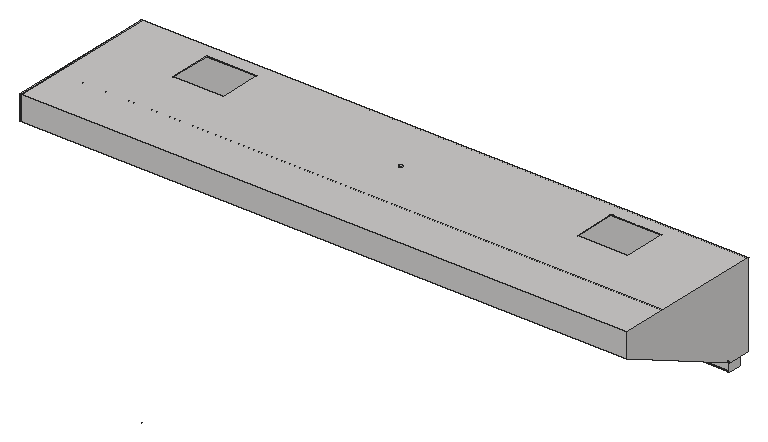
Revit family "QF_ELECTROLUXPROFESSIONAL_644189_AMPV936BT", category Specialty Equipment, Revit 2014
Reference planes
  plane 1: z = 0
  plane 2 "Center (Left/Right)": x = 150
  plane 3 "LEFT": x = -1650
  plane 4 "RIGHT": x = 1950
  plane 5 "BACK": y = 550
  plane 6 "Plane": z = 2000
  plane 7 "TOP": z = 2140
  plane 8 "Base": z = 1640
  plane 9: z = 1566
  plane 10 "DrainY": y = 485
  plane 11: x = -1647
  plane 12: through (0, 414.509, 1640.8) normal (0, 0.7314, 0.682)
  plane 13: y = 470
  plane 14: y = 220
  plane 15 "DrainX": x = 1830
  plane 16: x = -900
  plane 17: x = 1200
  plane 18: x = -1200
  plane 19: x = 1500
  plane 20: x = 1947
  plane 21: x = 1740
  plane 22: x = 1920
  plane 23: x = -1610
  plane 24: x = -1245
  plane 25: x = -850
  plane 26: x = 1910
  plane 27: x = 1545
  plane 28: x = 1150
  plane 29: x = -47.5
  plane 30: x = 347.5
  plane 31: y = 100
  plane 32: y = -350
Forms (mm)
  Extrusion 1, solid, material "QF_Finishes_Stainless Steel"
    sketch origin (-1650, 0, 0) x (0, 1, 0) y (0, 0, 1)
      loop
        line (550, 1640) -> (550, 2140) -> (-350, 2140) -> (-350, 1999.112) -> (413.973, 1640) -> (550, 1640)
    from 0 to 3
  Extrusion 2, solid, material "QF_Finishes_Stainless Steel"
    sketch origin (150, 0, 0) x (0, 1, 0) y (0, 0, 1)
      loop
        line (415.255, 1640) -> (550, 1640) -> (550, 2139.19) -> (549.2, 2139.19) -> (549.2, 1640.8) -> (415.876, 1640.8) -> (339.347, 1722.867) -> (349.609, 1732.436) -> (348.927, 1733.167) -> (337.934, 1722.917) -> (415.255, 1640)
      loop
        line (-82.203, 2139.19) -> (-82.203, 2118.6) -> (-31.047, 2118.6) -> (34.354, 2048.466) -> (46.028, 2059.352) -> (45.346, 2060.083) -> (34.403, 2049.879) -> (-30.612, 2119.6) -> (-81.203, 2119.6) -> (-81.203, 2139.19) -> (-82.203, 2139.19)
    from -1797 to 1797
  Extrusion 3, solid, material "QF_Finishes_Stainless Steel"
    sketch origin (1950, 0, 0) x (0, 1, 0) y (0, 0, 1)
      loop
        line (550, 1640) -> (550, 2140) -> (-350, 2140) -> (-350, 1999.112) -> (413.973, 1640) -> (550, 1640)
    from 0 to -3
  Extrusion 4, solid, material "QF_Finishes_Stainless Steel"
    sketch origin (150, 0, 0) x (0, 1, 0) y (0, 0, 1)
      loop
        line (-350, 2140) -> (-350, 2000) -> (-349.2, 2000) -> (-349.2, 2139.19) -> (550, 2139.19) -> (550, 2140) -> (-350, 2140)
    from -1800 to 1800
  Extrusion 5, solid, material "QF_Finishes_Stainless Steel"
    sketch origin (150, 0, 0) x (0, 1, 0) y (0, 0, 1)
      loop
        line (534, 1640) -> (436, 1640) -> (436, 1627) -> (443.5, 1627) -> (443.5, 1576)
        arc (443.5, 1576) -> (446.429, 1568.929) -> (453.5, 1566) r 10
        line (453.5, 1566) -> (516.5, 1566)
        arc (516.5, 1566) -> (523.571, 1568.929) -> (526.5, 1576) r 10
        line (526.5, 1576) -> (526.5, 1627) -> (534, 1627) -> (534, 1640)
    from 1590 to 1770
  Extrusion 6, solid, material "QF_Finishes_Stainless Steel"
    sketch origin (0, 0, 1640) x (0, 1, 0) y (-1, 0, 0)
      loop
        circle (485, -1830) r 20
    from -76 to -74
  Extrusion 7, solid, material "QF_Finished_Chrome"
    sketch origin (150, 0, 0) x (0, 1, 0) y (0, 0, 1)
      loop
        line (337.934, 1722.917) -> (341.591, 1726.327) -> (38.011, 2051.876) -> (34.354, 2048.466) -> (337.934, 1722.917)
    from -1395 to -1760
  Extrusion 8, solid, material "QF_Finished_Chrome"
    sketch origin (150, 0, 0) x (0, 1, 0) y (0, 0, 1)
      loop
        line (337.934, 1722.917) -> (341.591, 1726.327) -> (38.011, 2051.876) -> (34.354, 2048.466) -> (337.934, 1722.917)
    from -197.5 to -1000
  Extrusion 9, solid, material "QF_Finishes_Stainless Steel"
    sketch origin (150, 0, 0) x (0, 1, 0) y (0, 0, 1)
      loop
        line (337.934, 1722.917) -> (341.591, 1726.327) -> (38.011, 2051.876) -> (34.354, 2048.466) -> (337.934, 1722.917)
    from 1797 to 1760
  Extrusion 10, solid, material "QF_Finishes_Stainless Steel"
    sketch origin (150, 0, 0) x (0, 1, 0) y (0, 0, 1)
      loop
        line (341.588, 1726.324) -> (38.009, 2051.874) -> (34.354, 2048.466) -> (337.934, 1722.917) -> (341.588, 1726.324)
    from -1395 to -1000
  Extrusion 11, solid, material "QF_Finished_Chrome"
    sketch origin (150, 0, 0) x (0, 1, 0) y (0, 0, 1)
      loop
        line (341.588, 1726.324) -> (38.009, 2051.874) -> (34.354, 2048.466) -> (337.934, 1722.917) -> (341.588, 1726.324)
    from 1395 to 1760
  Extrusion 12, void
    sketch origin (0, 0, 2140) x (0, 1, 0) y (-1, 0, 0)
      loop
        line (470, 1200) -> (220, 1200) -> (220, 900) -> (470, 900) -> (470, 1200)
    from 0 to -10
  Extrusion 13, void
    sketch origin (940, 0, 2140) x (0, 1, 0) y (-1, 0, 0)
      loop
        line (470, -260) -> (220, -260) -> (220, -560) -> (470, -560) -> (470, -260)
    from 0 to -10
  Extrusion 14, solid, material "QF_Finishes_Stainless Steel"
    sketch origin (0, 0, 0) x (1, 0, 0) y (0, 1, 0)
      loop
        line (-1650, 550) -> (-1650, 549) -> (-1649, 549) -> (-1649, 550) -> (-1650, 550)
    from 0 to 1
  Extrusion 15, solid, material "QF_Finishes_Stainless Steel"
    sketch origin (150, 0, 0) x (0, 1, 0) y (0, 0, 1)
      loop
        line (337.934, 1722.917) -> (341.591, 1726.327) -> (38.011, 2051.876) -> (34.354, 2048.466) -> (337.934, 1722.917)
    from -1760 to -1797
  Extrusion 16, solid, material "QF_Finishes_Stainless Steel"
    sketch origin (150, 0, 0) x (0, 1, 0) y (0, 0, -1)
      loop
        line (341.588, -1726.324) -> (337.934, -1722.917) -> (34.354, -2048.466) -> (38.009, -2051.874) -> (341.588, -1726.324)
    from -1395 to -1000
  Extrusion 17, solid, material "QF_Finished_Chrome"
    sketch origin (150, 0, 0) x (0, 1, 0) y (0, 0, 1)
      loop
        line (337.934, 1722.917) -> (341.591, 1726.327) -> (38.011, 2051.876) -> (34.354, 2048.466) -> (337.934, 1722.917)
    from 1000 to 197.5
  Extrusion 18, solid, material "QF_Finishes_Stainless Steel"
    sketch origin (150, 0, 0) x (0, 1, 0) y (0, 0, -1)
      loop
        line (341.588, -1726.324) -> (337.934, -1722.917) -> (34.354, -2048.466) -> (38.009, -2051.874) -> (341.588, -1726.324)
    from -197.5 to 197.5
  Extrusion 19, solid, material "QF_Finishes_Stainless Steel"
    sketch origin (0, 0, 2140) x (0, 1, 0) y (-1, 0, 0)
      loop
        circle (220, -150) r 10
    from 0 to 1.6
Cuts and joins
  Extrusion 12, Extrusion 13 cuts Extrusion 4
  joined: Extrusion 2, Extrusion 4
Lines and regions (mm)
  reference lines
    curve 1: line (150, 34.354, 2048.466) -> (150, 34.354, 1888.466)
  symbolic lines, style "SpecialityEquipment", detail levels coarse
    curve 2: line (1950, 550, 2140) -> (-1650, 550, 2140)
    curve 3: line (-1650, 550, 2140) -> (-1650, -350, 2140)
    curve 4: line (1950, -350, 2140) -> (1950, 550, 2140)
    curve 5: line (-1650, -350, 2140) -> (1950, -350, 2140)
    curve 6: line (-1200, 220, 2140) -> (-900, 220, 2140)
    curve 7: line (-1200, 470, 2140) -> (-1200, 220, 2140)
    curve 8: line (-900, 470, 2140) -> (-1200, 470, 2140)
    curve 9: line (-900, 220, 2140) -> (-900, 470, 2140)
    curve 10: line (1200, 470, 2140) -> (1200, 220, 2140)
    curve 11: line (1200, 220, 2140) -> (1500, 220, 2140)
    curve 12: line (1500, 470, 2140) -> (1200, 470, 2140)
    curve 13: line (1500, 220, 2140) -> (1500, 470, 2140)
  symbolic lines, detail levels coarse
    curve 14: line (-1650, -350, 0) -> (1950, 550, 0)
    curve 15: line (-1650, 550, 0) -> (1950, -350, 0)
Dimensions and locks
  plane 3 "LEFT" to plane 4 "RIGHT" = 3600 mm
  equal spacing: plane 3 "LEFT", plane 2 "Center (Left/Right)", plane 4 "RIGHT"
  locked: plane 6 "Plane" to level at 2000
  plane 7 "TOP" to plane 6 "Plane" = 140 mm
  locked: plane 7 "TOP" to plane 8 "Base" at 500
  plane 8 "Base" to plane 9 = 74 mm
  plane 5 "BACK" to plane 10 "DrainY" = 65 mm  (x2)
  plane 3 "LEFT" to plane 11 = 3 mm
  plane 5 "BACK" to plane 13 = 80 mm
  plane 13 to plane 14 = 250 mm  (x2)
  plane 15 "DrainX" to plane 4 "RIGHT" = 120 mm
  locked: plane 16 to plane 17 at 2100
  equal spacing: plane 16, plane 2 "Center (Left/Right)", plane 17
  plane 18 to plane 16 = 300 mm
  plane 17 to plane 19 = 300 mm
  plane 20 to plane 4 "RIGHT" = 3 mm
  locked: plane 21 to plane 15 "DrainX" at 90
  locked: plane 15 "DrainX" to plane 22 at 90
  plane 13 to plane 5 "BACK" = 80 mm
  locked: plane 3 "LEFT" to plane 23 at 40
  locked: plane 23 to plane 24 at 365
  locked: plane 24 to plane 25 at 395
  locked: plane 26 to plane 27 at 365
  locked: plane 27 to plane 28 at 395
  locked: plane 26 to plane 4 "RIGHT" at 40
  locked: plane 29 to plane 30 at 395
  equal spacing: plane 29, plane 2 "Center (Left/Right)", plane 30
  plane 25 to plane 29 = 802.5 mm
  plane 30 to plane 28 = 802.5 mm
  plane 5 "BACK" to plane 32 = 900 mm  (x2)
  equal spacing: plane 5 "BACK", plane 31, plane 32
  aligned and locked: level to plane 1
  aligned and locked: Extrusion 2 to Extrusion 1
  aligned and locked: Extrusion 2 to Extrusion 3
  aligned and locked: plane 4 "RIGHT" to Extrusion 4
  aligned and locked: Extrusion 4 to plane 3 "LEFT"
  aligned and locked: plane 20 to Extrusion 9
  aligned and locked: plane 18 to Extrusion 12
  aligned and locked: Extrusion 12 to plane 16
  aligned and locked: Extrusion 12 to plane 14
  aligned and locked: Extrusion 12 to plane 13
  aligned and locked: Extrusion 13 to plane 19
  aligned and locked: plane 17 to Extrusion 13
  aligned and locked: Extrusion 2 to Extrusion 4
  aligned and locked: plane 22 to Extrusion 5
  aligned and locked: Extrusion 5 to plane 21
  aligned and locked: Extrusion 9 to plane 26
  aligned and locked: Extrusion 11 to plane 26
  aligned and locked: Extrusion 11 to plane 27
  aligned and locked: Extrusion 8 to plane 25
  aligned and locked: plane 25 to Extrusion 10
  aligned and locked: Extrusion 10 to plane 24
  aligned and locked: plane 24 to Extrusion 7
  aligned and locked: Extrusion 7 to plane 23
  aligned and locked: Extrusion 15 to plane 11
  aligned and locked: plane 23 to Extrusion 15
  aligned and locked: Extrusion 16 to plane 28
  aligned and locked: Extrusion 16 to plane 27
  aligned and locked: Extrusion 3 to plane 20
  aligned and locked: plane 29 to Extrusion 8
  aligned and locked: Extrusion 17 to plane 28
  aligned and locked: Extrusion 17 to plane 30
  aligned and locked: plane 30 to Extrusion 18
  aligned and locked: Extrusion 18 to plane 29
Automatic sketch dimensions
  curve 5 to plane 3 "LEFT" = 0 mm
  curve 9 to plane 14 = 0 mm
  curve 10 to plane 14 = 0 mm
  plane 13 to curve 8 = 0 mm
  plane 13 to curve 12 = 0 mm
  curve 3 to plane 5 "BACK" = 0 mm
  curve 5 to plane 4 "RIGHT" = 0 mm
  curve 11 to plane 19 = 0 mm
  curve 10 to plane 17 = 0 mm
  curve 6 to plane 16 = 0 mm
  curve 6 to plane 18 = 0 mm
  Extrusion 2 sketch curve to plane 12 = 0 mm  (x3)
  Extrusion 2 sketch curve to plane 8 "Base" = 0 mm
  plane 12 to Extrusion 2 sketch curve = 0 mm
  Extrusion 2 sketch curve to plane 5 "BACK" = 0 mm
  Extrusion 2 sketch curve to Extrusion 2 sketch curve = 65.646 mm
  Extrusion 2 sketch curve to Extrusion 2 sketch curve = 0.682 mm  (x2)
  Extrusion 2 sketch curve to Extrusion 2 sketch curve = 10.261 mm
  plane 8 "Base" to Extrusion 2 sketch curve = 82.917 mm
  Extrusion 2 sketch curve to Extrusion 2 sketch curve = 10.942 mm
  Extrusion 2 sketch curve to Extrusion 2 sketch curve = 0.049 mm
  Extrusion 2 sketch curve to plane 7 "TOP" = 20.4 mm
  Extrusion 2 sketch curve to plane 7 "TOP" = 21.4 mm
  Extrusion 2 sketch curve to plane 7 "TOP" = 0.81 mm  (x2)
  Extrusion 2 sketch curve to Extrusion 2 sketch curve = 50.156 mm
  Extrusion 2 sketch curve to Extrusion 2 sketch curve = 1 mm
  plane 8 "Base" to Extrusion 2 sketch curve = 0.8 mm
  Extrusion 2 sketch curve to plane 5 "BACK" = 0.8 mm
  Extrusion 3 sketch curve to plane 8 "Base" = 0 mm
  Extrusion 3 sketch curve to plane 5 "BACK" = 0 mm
  Extrusion 3 sketch curve to plane 7 "TOP" = 0 mm
  plane 13 to Extrusion 3 sketch curve = 56.027 mm
  Extrusion 4 sketch curve to plane 6 "Plane" = 0 mm
  Extrusion 4 sketch curve to plane 5 "BACK" = 0 mm
  Extrusion 4 sketch curve to plane 7 "TOP" = 0 mm
  Extrusion 4 sketch curve to plane 7 "TOP" = 0.81 mm
  curve 1 to plane 12 = 0 mm
  curve 1 to plane 6 "Plane" = 111.534 mm
  Extrusion 5 sketch curve to plane 8 "Base" = 0 mm
  Extrusion 5 sketch curve to plane 9 = 0 mm
  Extrusion 5 sketch curve to plane 8 "Base" = 13 mm  (x2)
  plane 13 to Extrusion 5 sketch curve = 34 mm
  Extrusion 5 sketch curve to Extrusion 5 sketch curve = 7.5 mm  (x2)
  Extrusion 5 sketch curve to Extrusion 5 sketch curve = 10 mm
  plane 10 "DrainY" to Extrusion 5 sketch curve = 31.5 mm
  Extrusion 5 sketch curve to plane 5 "BACK" = 23.5 mm
  Extrusion 6 sketch curve to plane 10 "DrainY" = 0 mm
  Extrusion 6 sketch curve to plane 15 "DrainX" = 0 mm
  Extrusion 7 sketch curve to plane 12 = 0 mm  (x2)
  Extrusion 7 sketch curve to Extrusion 7 sketch curve = 3.657 mm
  plane 8 "Base" to Extrusion 7 sketch curve = 82.917 mm
  Extrusion 8 sketch curve to plane 12 = 0 mm  (x2)
  Extrusion 8 sketch curve to Extrusion 8 sketch curve = 3.657 mm
  plane 8 "Base" to Extrusion 8 sketch curve = 82.917 mm
  Extrusion 9 sketch curve to plane 12 = 0 mm  (x2)
  Extrusion 9 sketch curve to Extrusion 9 sketch curve = 3.657 mm
  plane 8 "Base" to Extrusion 9 sketch curve = 82.917 mm
  Extrusion 10 sketch curve to plane 12 = 0 mm  (x2)
  Extrusion 10 sketch curve to Extrusion 10 sketch curve = 3.655 mm
  plane 8 "Base" to Extrusion 10 sketch curve = 82.917 mm
  Extrusion 11 sketch curve to plane 12 = 0 mm  (x2)
  Extrusion 11 sketch curve to Extrusion 11 sketch curve = 3.655 mm
  plane 8 "Base" to Extrusion 11 sketch curve = 82.917 mm
  Extrusion 12 sketch curve to plane 14 = 0 mm
  plane 13 to Extrusion 12 sketch curve = 0 mm
  Extrusion 12 sketch curve to plane 16 = 0 mm
  Extrusion 12 sketch curve to plane 18 = 0 mm
  Extrusion 13 sketch curve to plane 14 = 0 mm
  plane 13 to Extrusion 13 sketch curve = 0 mm
  Extrusion 13 sketch curve to plane 19 = 0 mm
  Extrusion 13 sketch curve to plane 17 = 0 mm
  Extrusion 14 sketch curve to plane 3 "LEFT" = 0 mm
  Extrusion 14 sketch curve to plane 5 "BACK" = 0 mm
  plane 3 "LEFT" to Extrusion 14 sketch curve = 1 mm
  Extrusion 14 sketch curve to Extrusion 14 sketch curve = 1 mm
  Extrusion 15 sketch curve to plane 12 = 0 mm  (x2)
  Extrusion 15 sketch curve to Extrusion 15 sketch curve = 3.657 mm
  plane 8 "Base" to Extrusion 15 sketch curve = 82.917 mm
  Extrusion 16 sketch curve to plane 12 = 0 mm  (x2)
  Extrusion 16 sketch curve to Extrusion 16 sketch curve = 3.655 mm
  plane 8 "Base" to Extrusion 16 sketch curve = 82.917 mm
  Extrusion 17 sketch curve to plane 12 = 0 mm  (x2)
  Extrusion 17 sketch curve to Extrusion 17 sketch curve = 3.657 mm
  plane 8 "Base" to Extrusion 17 sketch curve = 82.917 mm
  Extrusion 18 sketch curve to plane 12 = 0 mm  (x2)
  Extrusion 18 sketch curve to Extrusion 18 sketch curve = 3.655 mm
  plane 8 "Base" to Extrusion 18 sketch curve = 82.917 mm
  Extrusion 4 sketch curve to Extrusion 4 sketch curve = 0.8 mm
  curve 5 to plane 14 = 570 mm
  plane 6 "Plane" to Extrusion 2 sketch curve = 48.466 mm
  Extrusion 4 sketch curve to plane 14 = 569.2 mm
  curve 1 to plane 14 = 185.646 mm
  plane 6 "Plane" to Extrusion 7 sketch curve = 51.876 mm
  plane 6 "Plane" to Extrusion 8 sketch curve = 51.876 mm
  plane 6 "Plane" to Extrusion 9 sketch curve = 51.876 mm
  plane 6 "Plane" to Extrusion 10 sketch curve = 51.874 mm
  plane 6 "Plane" to Extrusion 11 sketch curve = 51.874 mm
  plane 6 "Plane" to Extrusion 15 sketch curve = 51.876 mm
  plane 6 "Plane" to Extrusion 16 sketch curve = 51.874 mm
  plane 6 "Plane" to Extrusion 17 sketch curve = 51.876 mm
  plane 6 "Plane" to Extrusion 18 sketch curve = 51.874 mm
  Extrusion 1 sketch curve to plane 32 = 0 mm
  Extrusion 1 sketch curve to plane 8 "Base" = 0 mm
  Extrusion 1 sketch curve to plane 5 "BACK" = 0 mm
  Extrusion 1 sketch curve to plane 7 "TOP" = 0 mm
  plane 13 to Extrusion 1 sketch curve = 56.027 mm
  Extrusion 1 sketch curve to plane 6 "Plane" = 0.888 mm
  Extrusion 3 sketch curve to plane 32 = 0 mm
  Extrusion 3 sketch curve to plane 6 "Plane" = 0.888 mm
  curve 15 to plane 3 "LEFT" = 0 mm
  curve 14 to plane 3 "LEFT" = 0 mm
  curve 15 to plane 4 "RIGHT" = 0 mm
  curve 14 to plane 4 "RIGHT" = 0 mm
  curve 15 to plane 32 = 0 mm
  curve 14 to plane 32 = 0 mm
  curve 15 to plane 5 "BACK" = 0 mm
  curve 14 to plane 5 "BACK" = 0 mm
  Extrusion 19 sketch curve to plane 2 "Center (Left/Right)" = 0 mm
  Extrusion 19 sketch curve to plane 14 = 0 mm
  radius of Extrusion 6 sketch curve = 20 mm
  radius of Extrusion 19 sketch curve = 10 mm
Connectors
  piping at (1830, 485, 1564), diameter 20
    settings: on Extrusion 6, index 1, connector inside diameter 609.6 mm, connector length 0 mm, flow factor 0, pipe flow 0.0 L/s, pressure drop 0.0 Pa, fitting loss kfactor 0, connector angle 0.00°, fixture units 0, engagement length 0 mm, angle of deflection 0.00°, flow configuration 1, flow direction 2, fitting loss method 0, system type 16, joint type 0, gender type 0, connector reference index -1, connector utility 0, adjustable connector no, is connector primary yes, connector description "Drain"
  hvac at (-1050, 345, 2140)
    settings: on Extrusion 12, index 2, duct flow 0.0 L/s, flow factor 0, pres drop 0.0 Pa, loss coef 0, conn angle 0.00°, conn width 250 mm, conn height 300 mm, conn diameter 609.6 mm, duct sys type 3, conn prof type 1, flow config 1, flow direction 2, loss method 0, conn ref index -1, conn util no, is conn primary yes, conn desc "EXHAUST OUTLET"
  hvac at (1350, 345, 2140)
    settings: on Extrusion 13, index 3, duct flow 0.0 L/s, flow factor 0, pres drop 0.0 Pa, loss coef 0, conn angle 0.00°, conn width 250 mm, conn height 300 mm, conn diameter 609.6 mm, duct sys type 3, conn prof type 1, flow config 1, flow direction 2, loss method 0, conn ref index -1, conn util no, is conn primary no, conn desc "EXHAUST OUTLET"
  electrical at (150, 220, 2141.6)
    settings: on Extrusion 19, index 4, voltage 0 V, apparent load 0 VA, apparent load phase1 0 VA, apparent load phase2 0 VA, apparent load phase3 0 VA, power factor 1, load classification "Other", number of poles 1, system type 30, power factor state 1, is connector primary yes, connector utility no, sub classification motor no, connector description "Electrical Connection"
